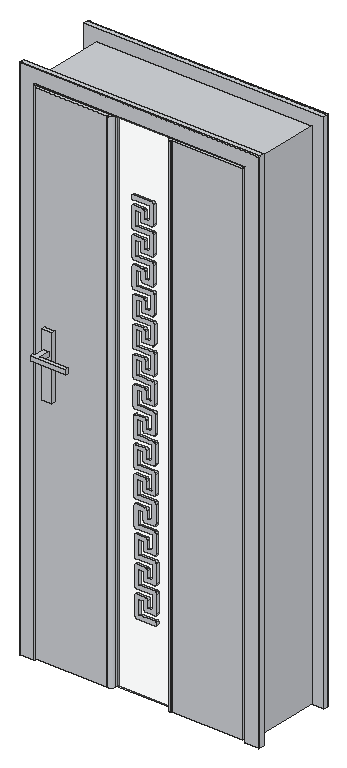
Revit family "PortaFOCUSbp_2_grecja", category Drzwi, Revit 2016
Family settings
  Obiekt nadrzędny = Ściana
  Zawsze pionowo = Tak
  Tnij formami wycięć po wczytaniu = Nie
  Współdzielony = Nie
  Punkt obliczania pomieszczeń = Nie
Parameters (values of type "PN 80")
  Zakres szerokości muru [instance] = if(and(Szerokość ściany > 94 mm, Szerokość ściany < 120 mm), "B", (if(and(Szerokość ściany > 119 mm, Szerokość ściany < 140 mm), "C", (if(and(Szerokość ściany > 139 mm, Szerokość ściany < 160 mm), "D", (if(and(Szerokość ściany > 159 mm, Szerokość ściany < 180 mm), "E", (if(and(Szerokość ściany > 179 mm, Szerokość ściany < 200 mm), "F", (if(and(Szerokość ściany > 199 mm, Szerokość ściany < 220 mm), "G", (if(and(Szerokość ściany > 219 mm, Szerokość ściany < 240 mm), "H", (if(and(Szerokość ściany > 239 mm, Szerokość ściany < 260 mm), "I", (if(and(Szerokość ściany > 259 mm, Szerokość ściany < 280 mm), "J", (if(and(Szerokość ściany > 279 mm, Szerokość ściany < 301 mm), "K", "BRAK")))))))))))))))))))  # "K"
  Wysokość brutto = 2060 mm
  Szerokość ściany [instance] = 300 mm
  Szerokość brutto = 880 mm
  Model = "Porta Focus 2 grecja"
  Materiał_wzór = none
  Materiał_szyba = Szkło
  Konstrukcja analityczna = "<Brak>"
  Funkcja = Wewnętrzna
  URL = "www.porta.com.pl"
  Ss = 818 mm
  Sb = 846 mm
  Producent = "PORTA KMI POLAND"
  Keynote = ""
  Opis = "Własność Porta KMI Poland, wszelkie prawa zastrzeżone."  # constant formula
  Wysokość = 2016 mm
  Zakończenie ściany = Wg obiektu nadrzędnego
  Szerokość = 800 mm
  Materiał_skrzydło [instance] = none
  Materiał_ościeżnica [instance] = none
  Materiał_klamka [instance] = none
  Hs = 2017 mm
Types (5, lengths in mm): name | Szerokość brutto | Materiał_szyba | Ss | Sb | Szerokość
  PN 70 | 780 | none | 718 | 746 | 700
  PN 60 | 680 | none | 618 | 646 | 600
  PN 80 | 880 | Szkło | 818 | 846 | 800
  PN 90 | 980 | none | 918 | 946 | 900
  PN 100 | 1080 | none | 1018 | 1046 | 1000
Reference planes
  plane 1: y = 0
  plane 2 "Środek (Lewa/Prawa)": x = 0
  plane 3 "Lewy": x = -440
  plane 4 "Prawy": x = 440
  plane 5: z = 2060
  plane 6 "Zewnętrzna": y = 150
  plane 7 "Wewnętrzna": y = -150
  plane 8 "skrzydło": y = -129
Forms (mm)
  Sweep 1, solid, material <- "Materiał_ościeżnica"
    path in 3D
      loop
        line (-440, -150, 0) -> (-440, -150, 2060) -> (440, -150, 2060) -> (440, -150, 0)
    profile origin (-440, -150, 1030) x (0, -1, 0) y (1, 0, 0)
      loop
        line (-24, 39) -> (-72, 39) -> (-72, 17) -> (0, 17) -> (0, -33) -> (16, -33)
        arc (16, -33) -> (18.121, -32.121) -> (19, -30) r 3
        line (19, -30) -> (19, 24)
        arc (19, 24) -> (18.121, 26.121) -> (16, 27) r 3
        line (16, 27) -> (-24, 27) -> (-24, 39)
  Sweep 2, solid, material <- "Materiał_ościeżnica"
    path in 3D
      loop
        line (440, 150, 0) -> (440, 150, 2060) -> (-440, 150, 2060) -> (-440, 150, 0)
    profile origin (-440, 150, 1030) x (1, 0, 0) y (0, 1, 0)
      loop
        line (-33, 0) -> (17, 0) -> (17, -228) -> (39, -228) -> (39, -1)
        arc (39, -1) -> (37.536, 2.536) -> (34, 4) r 5
        line (34, 4) -> (25, 4) -> (25, 16)
        arc (25, 16) -> (24.121, 18.121) -> (22, 19) r 3
        line (22, 19) -> (-30, 19)
        arc (-30, 19) -> (-32.121, 18.121) -> (-33, 16) r 3
        line (-33, 16) -> (-33, 0)
  Sweep 3, solid, not visible
    path in 3D
      loop
        line (-440, -150, 0) -> (-440, -150, 2060)
    profile origin (-440, -150, 1030) x (0, -1, 0) y (1, 0, 0)
      loop
        line (-151, 17) -> (-149, 17) -> (-149, 19) -> (-151, 19) -> (-151, 17)
Cuts and joins
  joined: Sweep 1, Sweep 2
Lines and regions (mm)
  Opening 1
    outline origin (-3050, -150, 0) x (1, 0, 0) y (0, 0, 1)
      loop
        line (2610, 0) -> (3490, 0) -> (3490, 2060) -> (2610, 2060) -> (2610, 0)
  sketch lines
    curve 1: line (-440, -150, 0) -> (-440, -150, 2060)
    curve 2: line (-440, -150, 2060) -> (440, -150, 2060)
    curve 3: line (440, -150, 2060) -> (440, -150, 0)
    curve 4: line (-440, 150, 2060) -> (-440, 150, 0)
    curve 5: line (440, 150, 2060) -> (-440, 150, 2060)
    curve 6: line (440, 150, 0) -> (440, 150, 2060)
    curve 12: line (-440, -150, 0) -> (-440, -150, 2060)
  symbolic lines, style "DoorsPanelProjection"
    curve 7: line (409, -150, 0) -> (409, -968, 0)
    curve 8: line (409, -968, 0) -> (369, -968, 0)
    curve 9: line (369, -968, 0) -> (369, -150, 0)
    curve 10: line (369, -150, 0) -> (409, -150, 0)
  symbolic lines, style "Ugięcie rzutu"
    curve 11: arc (-409, -150, 0) -> (-169.413, -728.413, 0) -> (409, -968, 0) r 818
Text (mm)
  text "Zewnętrzna" at (-2295.016, 1099.543, 0), in view "Poziom odniesienia"
  text "Zewnętrzna" at (0, 1615.38, 3698.081), in view "Lewy"
  text "Zewnętrzna" at (0, 1036.032, 3874.932), in view "Prawy"
Dimensions and locks
  equal spacing: plane 3 "Lewy", plane 2 "Środek (Lewa/Prawa)", plane 4 "Prawy"
  "Szerokość brutto": plane 3 "Lewy" to plane 4 "Prawy"
  "Wysokość brutto": plane 5 to host wall
  host wall to plane 5 = 2060 mm  (x2)
  locked: plane 6 "Zewnętrzna" to host wall at 0
  locked: plane 7 "Wewnętrzna" to host wall
  "Sb": Sweep 1 to Sweep 1
  locked: Sweep 1 sketch curve to Sweep 1 sketch curve at 22
  Sweep 1 sketch curve to Sweep 1 sketch curve = 50 mm
  locked: Sweep 1 sketch curve to profile plane at 72
  locked: Sweep 2 sketch curve to Sweep 2 sketch curve at 50
  locked: Sweep 2 sketch curve to Sweep 2 sketch curve at 22
  locked: Sweep 2 sketch curve to plane 6 "Zewnętrzna" at 1
  locked: curve 9 to curve 7 at 40
  "Ss": curve 8 to curve 10
  equal spacing: curve 11, plane 2 "Środek (Lewa/Prawa)", curve 7
  locked: plane 7 "Wewnętrzna" to plane 8 "skrzydło" at 21
  locked: host wall to Sweep 3 sketch curve at 1
  locked: Sweep 3 sketch curve to host wall at 1
  locked: Sweep 3 sketch curve to plane 6 "Zewnętrzna" at 151
  locked: plane 7 "Wewnętrzna" to Sweep 3 sketch curve at 151
  nested 1 to plane 2 "Środek (Lewa/Prawa)" to nested 1 = 409 mm, 409 mm
  locked: nested 1 to level at 8
  "Szerokość ściany": host wall to host wall
  aligned and locked: plane 3 "Lewy" to Opening 1 sketch curve
  aligned and locked: plane 5 to Opening 1 sketch curve  (x2)
  aligned and locked: Opening 1 sketch curve to plane 4 "Prawy"
  aligned and locked: Opening 1 sketch curve to level
  aligned and locked: plane 1 to host wall
  aligned and locked: Sweep 1 to Sweep 2 sketch curve
  aligned and locked: plane 7 "Wewnętrzna" to curve 10
  aligned and locked: Sweep 3 sketch curve to cut or joined group of Sweep 1, Sweep 2
  aligned and locked: Sweep 2 sketch curve to cut or joined group of Sweep 1, Sweep 2
  aligned and locked: nested 1 to plane 8 "skrzydło"
  aligned and locked: plane 2 "Środek (Lewa/Prawa)" to nested 1
Automatic sketch dimensions
  profile plane to Sweep 1 sketch curve = 24 mm
  Sweep 1 sketch curve to profile plane = 16 mm  (x2)
  Sweep 1 sketch curve to Sweep 1 sketch curve = 3 mm
  profile plane to Sweep 1 sketch curve = 17 mm
  Sweep 1 sketch curve to Sweep 1 sketch curve = 7 mm
  Sweep 1 sketch curve to profile plane = 0 mm
  Sweep 2 sketch curve to profile plane = 0 mm
  Sweep 2 sketch curve to profile plane = 16 mm
  Sweep 2 sketch curve to Sweep 2 sketch curve = 3 mm
  Sweep 2 sketch curve to Sweep 2 sketch curve = 5 mm
  Sweep 2 sketch curve to profile plane = 4 mm
  Sweep 2 sketch curve to Sweep 2 sketch curve = 8 mm
  curve 11 to host wall = 0 mm
  Sweep 3 sketch curve to Sweep 3 sketch curve = 2 mm
Nested families
  nested 1: "skrzydło" at (0, -135.5, 0), type "skrzydło"
Definition of nested family "skrzydło"
  Parameters
    Ss = 818 mm
    Materiał_skrzydło = none
    Materiał_klamka = none
    Materiał wzór = none
    Materiał szyba = none
    Hs = 2017 mm
  Reference planes
    plane 1 "Tył": y = 6.5
    plane 2: z = 0
    plane 3 "Środek (Lewa/Prawa)": x = 0
    plane 4 "Przód": y = -33.5
    plane 5: z = 2025
    plane 6 "Centrum": y = -13.5
    plane 7: z = 8
    plane 8: x = -409
    plane 9: x = 409
    plane 10: x = -105
    plane 11: x = 105
  Forms (mm)
    Extrusion 1, solid, material <- "Materiał_skrzydło"
      sketch origin (-1191.728, -1524, 8) x (-1, 0, 0) y (0, -1, 0)
        loop
          arc (-1063.297, -1490.5) -> (-1063.663, -1489.616) -> (-1064.547, -1489.25) r 1.25
          line (-1064.547, -1489.25) -> (-1066.918, -1489.25)
          arc (-1066.918, -1489.25) -> (-1080.051, -1494.167) -> (-1086.728, -1506.5) r 20
          line (-1086.728, -1506.5) -> (-1086.728, -1514.5)
          arc (-1086.728, -1514.5) -> (-1080.051, -1526.833) -> (-1066.918, -1531.75) r 20
          line (-1066.918, -1531.75) -> (-1064.547, -1531.75)
          arc (-1064.547, -1531.75) -> (-1063.663, -1531.384) -> (-1063.297, -1530.5) r 1.25
          line (-1063.297, -1530.5) -> (-782.728, -1530.5) -> (-782.728, -1490.5) -> (-1063.297, -1490.5)
        loop
          line (-1600.728, -1530.5) -> (-1320.158, -1530.5)
          arc (-1320.158, -1530.5) -> (-1319.792, -1531.384) -> (-1318.908, -1531.75) r 1.25
          line (-1318.908, -1531.75) -> (-1316.538, -1531.75)
          arc (-1316.538, -1531.75) -> (-1303.404, -1526.833) -> (-1296.728, -1514.5) r 20
          line (-1296.728, -1514.5) -> (-1296.728, -1506.5)
          arc (-1296.728, -1506.5) -> (-1303.404, -1494.167) -> (-1316.538, -1489.25) r 20
          line (-1316.538, -1489.25) -> (-1318.908, -1489.25)
          arc (-1318.908, -1489.25) -> (-1319.792, -1489.616) -> (-1320.158, -1490.5) r 1.25
          line (-1320.158, -1490.5) -> (-1600.728, -1490.5) -> (-1600.728, -1530.5)
      from 0 to 2017
    Extrusion 2, solid, material <- "Materiał wzór"
      sketch origin (-892.016, -13.5, 1200) x (-1, 0, 0) y (0, 0, 1)
        loop
          line (-855.901, 569.715) -> (-927.131, 569.715)
          arc (-927.131, 569.715) -> (-933, 567.284) -> (-935.431, 561.415) r 8.3
          line (-935.431, 561.415) -> (-935.431, 491.185)
          arc (-935.431, 491.185) -> (-933, 485.316) -> (-927.131, 482.885) r 8.3
          line (-927.131, 482.885) -> (-892.017, 482.885)
          arc (-892.017, 482.885) -> (-886.148, 485.316) -> (-883.717, 491.185) r 8.3
          line (-883.717, 491.185) -> (-883.717, 518) -> (-865.201, 518) -> (-865.201, 464.369) -> (-928.131, 464.369)
          arc (-928.131, 464.369) -> (-934, 461.938) -> (-936.431, 456.069) r 8.3
          line (-936.431, 456.069) -> (-936.431, 385.839)
          arc (-936.431, 385.839) -> (-934, 379.97) -> (-928.131, 377.539) r 8.3
          line (-928.131, 377.539) -> (-893.016, 377.539)
          arc (-893.016, 377.539) -> (-887.147, 379.97) -> (-884.716, 385.839) r 8.3
          line (-884.716, 385.839) -> (-884.716, 412.655) -> (-866.201, 412.655) -> (-866.201, 359.024) -> (-929.131, 359.024)
          arc (-929.131, 359.024) -> (-935, 356.593) -> (-937.431, 350.724) r 8.3
          line (-937.431, 350.724) -> (-937.431, 280.494)
          arc (-937.431, 280.494) -> (-935, 274.625) -> (-929.131, 272.194) r 8.3
          line (-929.131, 272.194) -> (-894.016, 272.194)
          arc (-894.016, 272.194) -> (-888.147, 274.625) -> (-885.716, 280.494) r 8.3
          line (-885.716, 280.494) -> (-885.716, 307.309) -> (-867.2, 307.309) -> (-867.2, 253.678) -> (-930.131, 253.678)
          arc (-930.131, 253.678) -> (-936, 251.247) -> (-938.431, 245.378) r 8.3
          line (-938.431, 245.378) -> (-938.431, 175.148)
          arc (-938.431, 175.148) -> (-936, 169.279) -> (-930.131, 166.848) r 8.3
          line (-930.131, 166.848) -> (-895.016, 166.848)
          arc (-895.016, 166.848) -> (-889.147, 169.279) -> (-886.716, 175.148) r 8.3
          line (-886.716, 175.148) -> (-886.716, 201.963) -> (-868.2, 201.963) -> (-868.2, 148.332) -> (-931.13, 148.332)
          arc (-931.13, 148.332) -> (-936.999, 145.901) -> (-939.43, 140.032) r 8.3
          line (-939.43, 140.032) -> (-939.43, 69.802)
          arc (-939.43, 69.802) -> (-936.999, 63.933) -> (-931.13, 61.502) r 8.3
          line (-931.13, 61.502) -> (-896.016, 61.502)
          arc (-896.016, 61.502) -> (-890.147, 63.933) -> (-887.716, 69.802) r 8.3
          line (-887.716, 69.802) -> (-887.716, 96.618) -> (-869.2, 96.618) -> (-869.2, 42.987) -> (-932.13, 42.987)
          arc (-932.13, 42.987) -> (-937.999, 40.556) -> (-940.43, 34.687) r 8.3
          line (-940.43, 34.687) -> (-940.43, -35.543)
          arc (-940.43, -35.543) -> (-937.999, -41.412) -> (-932.13, -43.843) r 8.3
          line (-932.13, -43.843) -> (-897.015, -43.843)
          arc (-897.015, -43.843) -> (-891.146, -41.412) -> (-888.715, -35.543) r 8.3
          line (-888.715, -35.543) -> (-888.715, -8.728) -> (-870.2, -8.728) -> (-870.2, -62.359) -> (-933.13, -62.359)
          arc (-933.13, -62.359) -> (-938.999, -64.79) -> (-941.43, -70.659) r 8.3
          line (-941.43, -70.659) -> (-941.43, -140.889)
          arc (-941.43, -140.889) -> (-938.999, -146.758) -> (-933.13, -149.189) r 8.3
          line (-933.13, -149.189) -> (-898.015, -149.189)
          arc (-898.015, -149.189) -> (-892.146, -146.758) -> (-889.715, -140.889) r 8.3
          line (-889.715, -140.889) -> (-889.715, -114.074) -> (-871.2, -114.074) -> (-871.2, -167.705) -> (-934.13, -167.705)
          arc (-934.13, -167.705) -> (-939.999, -170.136) -> (-942.43, -176.005) r 8.3
          line (-942.43, -176.005) -> (-942.43, -246.235)
          arc (-942.43, -246.235) -> (-939.999, -252.104) -> (-934.13, -254.535) r 8.3
          line (-934.13, -254.535) -> (-899.015, -254.535)
          arc (-899.015, -254.535) -> (-893.146, -252.104) -> (-890.715, -246.235) r 8.3
          line (-890.715, -246.235) -> (-890.715, -219.42) -> (-872.199, -219.42) -> (-872.199, -273.05) -> (-935.13, -273.05)
          arc (-935.13, -273.05) -> (-940.999, -275.481) -> (-943.43, -281.35) r 8.3
          line (-943.43, -281.35) -> (-943.43, -351.58)
          arc (-943.43, -351.58) -> (-940.999, -357.449) -> (-935.13, -359.88) r 8.3
          line (-935.13, -359.88) -> (-900.015, -359.88)
          arc (-900.015, -359.88) -> (-894.146, -357.449) -> (-891.715, -351.58) r 8.3
          line (-891.715, -351.58) -> (-891.715, -324.765) -> (-873.199, -324.765) -> (-873.199, -378.396) -> (-936.129, -378.396)
          arc (-936.129, -378.396) -> (-941.998, -380.827) -> (-944.429, -386.696) r 8.3
          line (-944.429, -386.696) -> (-944.429, -456.926)
          arc (-944.429, -456.926) -> (-941.998, -462.795) -> (-936.129, -465.226) r 8.3
          line (-936.129, -465.226) -> (-901.015, -465.226)
          arc (-901.015, -465.226) -> (-895.146, -462.795) -> (-892.715, -456.926) r 8.3
          line (-892.715, -456.926) -> (-892.715, -430.111) -> (-874.199, -430.111) -> (-874.199, -483.742) -> (-937.129, -483.742)
          arc (-937.129, -483.742) -> (-942.998, -486.173) -> (-945.429, -492.042) r 8.3
          line (-945.429, -492.042) -> (-945.429, -562.272)
          arc (-945.429, -562.272) -> (-942.998, -568.141) -> (-937.129, -570.572) r 8.3
          line (-937.129, -570.572) -> (-902.014, -570.572)
          arc (-902.014, -570.572) -> (-896.145, -568.141) -> (-893.714, -562.272) r 8.3
          line (-893.714, -562.272) -> (-893.714, -535.457) -> (-875.199, -535.457) -> (-875.199, -589.087) -> (-938.129, -589.087)
          arc (-938.129, -589.087) -> (-943.998, -591.518) -> (-946.429, -597.387) r 8.3
          line (-946.429, -597.387) -> (-946.429, -667.617)
          arc (-946.429, -667.617) -> (-943.998, -673.486) -> (-938.129, -675.917) r 8.3
          line (-938.129, -675.917) -> (-903.014, -675.917)
          arc (-903.014, -675.917) -> (-897.145, -673.486) -> (-894.714, -667.617) r 8.3
          line (-894.714, -667.617) -> (-894.714, -640.802) -> (-876.198, -640.802) -> (-876.198, -694.433) -> (-939.129, -694.433)
          arc (-939.129, -694.433) -> (-944.998, -696.864) -> (-947.429, -702.733) r 8.3
          line (-947.429, -702.733) -> (-947.429, -772.963)
          arc (-947.429, -772.963) -> (-944.998, -778.832) -> (-939.129, -781.263) r 8.3
          line (-939.129, -781.263) -> (-904.014, -781.263)
          arc (-904.014, -781.263) -> (-898.145, -778.832) -> (-895.714, -772.963) r 8.3
          line (-895.714, -772.963) -> (-895.714, -746.148) -> (-877.198, -746.148) -> (-877.198, -799.779) -> (-940.128, -799.779)
          arc (-940.128, -799.779) -> (-945.997, -802.21) -> (-948.428, -808.079) r 8.3
          line (-948.428, -808.079) -> (-948.428, -878.309)
          arc (-948.428, -878.309) -> (-945.997, -884.178) -> (-940.128, -886.609) r 8.3
          line (-940.128, -886.609) -> (-905.014, -886.609)
          arc (-905.014, -886.609) -> (-899.145, -884.178) -> (-896.714, -878.309) r 8.3
          line (-896.714, -878.309) -> (-896.714, -851.494) -> (-878.198, -851.494) -> (-878.198, -905.125) -> (-940.129, -905.124)
          arc (-940.129, -905.124) -> (-948.429, -913.424) -> (-940.129, -921.724) r 8.3
          line (-940.129, -921.724) -> (-869.898, -921.724)
          arc (-869.898, -921.724) -> (-864.029, -919.293) -> (-861.598, -913.424) r 8.3
          line (-861.598, -913.424) -> (-861.598, -843.194)
          arc (-861.598, -843.194) -> (-864.029, -837.325) -> (-869.898, -834.894) r 8.3
          line (-869.898, -834.894) -> (-905.013, -834.894)
          arc (-905.013, -834.894) -> (-910.882, -837.325) -> (-913.313, -843.194) r 8.3
          line (-913.313, -843.194) -> (-913.313, -870.009) -> (-931.829, -870.009) -> (-931.829, -816.378) -> (-868.899, -816.378)
          arc (-868.899, -816.378) -> (-863.03, -813.947) -> (-860.599, -808.078) r 8.3
          line (-860.599, -808.078) -> (-860.599, -737.848)
          arc (-860.599, -737.848) -> (-863.03, -731.979) -> (-868.899, -729.548) r 8.3
          line (-868.899, -729.548) -> (-904.013, -729.548)
          arc (-904.013, -729.548) -> (-909.882, -731.979) -> (-912.313, -737.848) r 8.3
          line (-912.313, -737.848) -> (-912.313, -764.664) -> (-930.829, -764.664) -> (-930.829, -711.033) -> (-867.899, -711.033)
          arc (-867.899, -711.033) -> (-862.03, -708.602) -> (-859.599, -702.733) r 8.3
          line (-859.599, -702.733) -> (-859.599, -632.503)
          arc (-859.599, -632.503) -> (-862.03, -626.634) -> (-867.899, -624.203) r 8.3
          line (-867.899, -624.203) -> (-903.014, -624.203)
          arc (-903.014, -624.203) -> (-908.883, -626.634) -> (-911.314, -632.503) r 8.3
          line (-911.314, -632.503) -> (-911.314, -659.318) -> (-929.829, -659.318) -> (-929.829, -605.687) -> (-866.899, -605.687)
          arc (-866.899, -605.687) -> (-861.03, -603.256) -> (-858.599, -597.387) r 8.3
          line (-858.599, -597.387) -> (-858.599, -527.157)
          arc (-858.599, -527.157) -> (-861.03, -521.288) -> (-866.899, -518.857) r 8.3
          line (-866.899, -518.857) -> (-902.014, -518.857)
          arc (-902.014, -518.857) -> (-907.883, -521.288) -> (-910.314, -527.157) r 8.3
          line (-910.314, -527.157) -> (-910.314, -553.972) -> (-928.83, -553.972) -> (-928.83, -500.341) -> (-865.899, -500.341)
          arc (-865.899, -500.341) -> (-860.03, -497.91) -> (-857.599, -492.041) r 8.3
          line (-857.599, -492.041) -> (-857.599, -421.811)
          arc (-857.599, -421.811) -> (-860.03, -415.942) -> (-865.899, -413.511) r 8.3
          line (-865.899, -413.511) -> (-901.014, -413.511)
          arc (-901.014, -413.511) -> (-906.883, -415.942) -> (-909.314, -421.811) r 8.3
          line (-909.314, -421.811) -> (-909.314, -448.627) -> (-927.83, -448.627) -> (-927.83, -394.996) -> (-864.9, -394.996)
          arc (-864.9, -394.996) -> (-859.031, -392.565) -> (-856.6, -386.696) r 8.3
          line (-856.6, -386.696) -> (-856.6, -316.466)
          arc (-856.6, -316.466) -> (-859.031, -310.597) -> (-864.9, -308.166) r 8.3
          line (-864.9, -308.166) -> (-900.014, -308.166)
          arc (-900.014, -308.166) -> (-905.883, -310.597) -> (-908.314, -316.466) r 8.3
          line (-908.314, -316.466) -> (-908.314, -343.281) -> (-926.83, -343.281) -> (-926.83, -289.65) -> (-863.9, -289.65)
          arc (-863.9, -289.65) -> (-858.031, -287.219) -> (-855.6, -281.35) r 8.3
          line (-855.6, -281.35) -> (-855.6, -211.12)
          arc (-855.6, -211.12) -> (-858.031, -205.251) -> (-863.9, -202.82) r 8.3
          line (-863.9, -202.82) -> (-899.015, -202.82)
          arc (-899.015, -202.82) -> (-904.884, -205.251) -> (-907.315, -211.12) r 8.3
          line (-907.315, -211.12) -> (-907.315, -237.935) -> (-925.83, -237.935) -> (-925.83, -184.304) -> (-862.9, -184.304)
          arc (-862.9, -184.304) -> (-857.031, -181.873) -> (-854.6, -176.004) r 8.3
          line (-854.6, -176.004) -> (-854.6, -105.774)
          arc (-854.6, -105.774) -> (-857.031, -99.905) -> (-862.9, -97.474) r 8.3
          line (-862.9, -97.474) -> (-898.015, -97.474)
          arc (-898.015, -97.474) -> (-903.884, -99.905) -> (-906.315, -105.774) r 8.3
          line (-906.315, -105.774) -> (-906.315, -132.59) -> (-924.83, -132.59) -> (-924.83, -78.959) -> (-861.9, -78.959)
          arc (-861.9, -78.959) -> (-856.031, -76.528) -> (-853.6, -70.659) r 8.3
          line (-853.6, -70.659) -> (-853.6, -0.429)
          arc (-853.6, -0.429) -> (-856.031, 5.44) -> (-861.9, 7.871) r 8.3
          line (-861.9, 7.871) -> (-897.015, 7.871)
          arc (-897.015, 7.871) -> (-902.884, 5.44) -> (-905.315, -0.429) r 8.3
          line (-905.315, -0.429) -> (-905.315, -27.244) -> (-923.831, -27.244) -> (-923.831, 26.387) -> (-860.9, 26.387)
          arc (-860.9, 26.387) -> (-855.031, 28.818) -> (-852.6, 34.687) r 8.3
          line (-852.6, 34.687) -> (-852.6, 104.917)
          arc (-852.6, 104.917) -> (-855.031, 110.786) -> (-860.9, 113.217) r 8.3
          line (-860.9, 113.217) -> (-896.015, 113.217)
          arc (-896.015, 113.217) -> (-901.884, 110.786) -> (-904.315, 104.917) r 8.3
          line (-904.315, 104.917) -> (-904.315, 78.102) -> (-922.831, 78.102) -> (-922.831, 131.733) -> (-859.901, 131.733)
          arc (-859.901, 131.733) -> (-854.032, 134.164) -> (-851.601, 140.033) r 8.3
          line (-851.601, 140.033) -> (-851.601, 210.263)
          arc (-851.601, 210.263) -> (-854.032, 216.132) -> (-859.901, 218.563) r 8.3
          line (-859.901, 218.563) -> (-895.015, 218.563)
          arc (-895.015, 218.563) -> (-900.884, 216.132) -> (-903.315, 210.263) r 8.3
          line (-903.315, 210.263) -> (-903.315, 183.448) -> (-921.831, 183.448) -> (-921.831, 237.078) -> (-858.901, 237.078)
          arc (-858.901, 237.078) -> (-853.032, 239.509) -> (-850.601, 245.378) r 8.3
          line (-850.601, 245.378) -> (-850.601, 315.608)
          arc (-850.601, 315.608) -> (-853.032, 321.477) -> (-858.901, 323.908) r 8.3
          line (-858.901, 323.908) -> (-894.016, 323.908)
          arc (-894.016, 323.908) -> (-899.885, 321.477) -> (-902.316, 315.608) r 8.3
          line (-902.316, 315.608) -> (-902.316, 288.793) -> (-920.831, 288.793) -> (-920.831, 342.424) -> (-857.901, 342.424)
          arc (-857.901, 342.424) -> (-852.032, 344.855) -> (-849.601, 350.724) r 8.3
          line (-849.601, 350.724) -> (-849.601, 420.954)
          arc (-849.601, 420.954) -> (-852.032, 426.823) -> (-857.901, 429.254) r 8.3
          line (-857.901, 429.254) -> (-893.016, 429.254)
          arc (-893.016, 429.254) -> (-898.885, 426.823) -> (-901.316, 420.954) r 8.3
          line (-901.316, 420.954) -> (-901.316, 394.139) -> (-919.832, 394.139) -> (-919.832, 447.77) -> (-856.901, 447.77)
          arc (-856.901, 447.77) -> (-851.032, 450.201) -> (-848.601, 456.07) r 8.3
          line (-848.601, 456.07) -> (-848.601, 526.3)
          arc (-848.601, 526.3) -> (-851.032, 532.169) -> (-856.901, 534.6) r 8.3
          line (-856.901, 534.6) -> (-892.016, 534.6)
          arc (-892.016, 534.6) -> (-897.885, 532.169) -> (-900.316, 526.3) r 8.3
          line (-900.316, 526.3) -> (-900.316, 499.485) -> (-918.832, 499.485) -> (-918.832, 553.115) -> (-855.901, 553.115)
          arc (-855.901, 553.115) -> (-847.601, 561.415) -> (-855.901, 569.715) r 8.3
      from -4 to 4
    Extrusion 3, solid, material <- "Materiał szyba"
      sketch origin (-892.016, -13.5, 1200) x (-1, 0, 0) y (0, 0, 1)
        loop
          line (-787.016, 825) -> (-997.016, 825) -> (-997.016, -1192) -> (-787.016, -1192) -> (-787.016, 825)
      from -4 to 4
  Dimensions and locks
    locked: plane 7 to level at 8
    "Hs": plane 5 to plane 7
    locked: nested 1 to plane 7 at 934
    locked: plane 7 to nested 2 at 934
    equal spacing: plane 4 "Przód", plane 6 "Centrum", plane 1 "Tył"
    equal spacing: plane 8, plane 3 "Środek (Lewa/Prawa)", plane 9
    "Ss": plane 8 to plane 9
    locked: plane 8 to nested 1 at 55
    locked: plane 8 to nested 2 at 55
    equal spacing: plane 10, plane 3 "Środek (Lewa/Prawa)", plane 11
    locked: plane 10 to plane 11 at 210
    aligned and locked: nested 1 to plane 4 "Przód"
    aligned and locked: plane 5 to Extrusion 1
    aligned and locked: nested 2 to nested 1
    aligned and locked: Extrusion 1 sketch curve to plane 8
    aligned and locked: Extrusion 1 sketch curve to plane 9
    aligned and locked: plane 10 to Extrusion 1 sketch curve
    aligned and locked: Extrusion 1 sketch curve to plane 1 "Tył"
    aligned and locked: Extrusion 1 sketch curve to plane 4 "Przód"
    aligned and locked: Extrusion 1 sketch curve to plane 11
    aligned and locked: plane 10 to Extrusion 3 sketch curve
    aligned and locked: Extrusion 3 sketch curve to plane 11
    aligned and locked: plane 5 to Extrusion 3 sketch curve
    aligned and locked: plane 7 to Extrusion 3 sketch curve
  Automatic sketch dimensions
    Extrusion 1 sketch curve to plane 11 = 23.431 mm
    Extrusion 1 sketch curve to plane 1 "Tył" = 1.25 mm  (x2)
    Extrusion 1 sketch curve to Extrusion 1 sketch curve = 1.25 mm
    Extrusion 1 sketch curve to Extrusion 1 sketch curve = 2.371 mm  (x4)
    Extrusion 1 sketch curve to plane 6 "Centrum" = 1.25 mm
    Extrusion 1 sketch curve to plane 10 = 19.81 mm  (x2)
    Extrusion 1 sketch curve to plane 4 "Przód" = 1.25 mm
    plane 6 "Centrum" to Extrusion 1 sketch curve = 4 mm  (x2)
    Extrusion 1 sketch curve to Extrusion 1 sketch curve = 2.5 mm
    plane 1 "Tył" to Extrusion 1 sketch curve = 0 mm
    Extrusion 1 sketch curve to plane 4 "Przód" = 0 mm
    Extrusion 1 sketch curve to Extrusion 1 sketch curve = 3.621 mm
    plane 7 to Extrusion 2 sketch curve = 313.691 mm
    Extrusion 2 sketch curve to plane 9 = 352.588 mm
    Extrusion 2 sketch curve to Extrusion 2 sketch curve = 1 mm  (x22)
    Extrusion 2 sketch curve to Extrusion 2 sketch curve = 8.3 mm  (x163)
    Extrusion 2 sketch curve to Extrusion 2 sketch curve = 0 mm  (x6)
    Extrusion 2 sketch curve to plane 5 = 579.622 mm
    Extrusion 2 sketch curve to Extrusion 2 sketch curve = 18.516 mm  (x44)
    Extrusion 2 sketch curve to Extrusion 2 sketch curve = 26.816 mm  (x15)
    Extrusion 2 sketch curve to plane 5 = 623.037 mm
    Extrusion 2 sketch curve to Extrusion 2 sketch curve = 35.115 mm  (x2)
    Extrusion 2 sketch curve to Extrusion 2 sketch curve = 26.815 mm  (x7)
    Extrusion 2 sketch curve to plane 5 = 658.152 mm
    Extrusion 2 sketch curve to plane 5 = 614.737 mm
    Extrusion 2 sketch curve to Extrusion 2 sketch curve = 18.515 mm
  Nested families
    nested 1: "KLAMKA" at (-354, -33.5, 1067), Materiał klamki <- "Materiał_klamka", type "KLAMKA"
      with Materiał klamki none
    nested 2: "KLAMKA" at (-354, 6.5, 1067), Materiał klamki <- "Materiał_klamka", type "KLAMKA"
      with Materiał klamki none
  Definition of nested family "KLAMKA"
    Parameters
      Materiał klamki [instance] = none
      Assembly Code = ""
      Default Elevation = 1219.2 mm
    Reference planes
      plane 1 "Center (Front/Back)": y = 0
      plane 2: z = 0
      plane 3 "Center (Left/Right)": x = 0
      plane 4: z = 125
      plane 5: z = -125
      plane 6: x = 20
      plane 7: x = -20
      plane 8: y = -70
      plane 9: y = -60
      plane 10: x = 10
      plane 11: x = -10
      plane 12: x = 120
      plane 13: z = 35
      plane 14: z = 55
      plane 15: y = -15
    Forms (mm)
      Extrusion 1, solid, material <- "Materiał klamki"
        sketch origin (0, 0, 0) x (1, 0, 0) y (0, 0, 1)
          loop
            line (-20, 125) -> (-20, -125) -> (20, -125) -> (20, 125) -> (-20, 125)
        from 0 to 15
      Extrusion 2, solid, material <- "Materiał klamki"
        sketch origin (0, 0, 0) x (1, 0, 0) y (0, 1, 0)
          loop
            line (-10, -15) -> (-10, -60) -> (-20, -60) -> (-20, -70) -> (120, -70) -> (120, -60) -> (10, -60) -> (10, -15) -> (-10, -15)
        from 35 to 55
    Dimensions and locks
      equal spacing: plane 4, plane 2, plane 5
      plane 4 to plane 5 = 250 mm
      equal spacing: plane 7, plane 3 "Center (Left/Right)", plane 6
      plane 7 to plane 6 = 40 mm
      plane 8 to plane 1 "Center (Front/Back)" = 70 mm
      plane 11 to plane 3 "Center (Left/Right)" to plane 10 = 10 mm locked, 10 mm locked
      plane 7 to plane 12 = 140 mm
      plane 15 to plane 1 "Center (Front/Back)" = 15 mm
      aligned and locked: plane 7 to Extrusion 1 sketch curve
      aligned and locked: Extrusion 1 sketch curve to plane 4
      aligned and locked: plane 5 to Extrusion 1 sketch curve
      aligned and locked: Extrusion 1 sketch curve to plane 6
      aligned and locked: plane 15 to Extrusion 1
      aligned and locked: Extrusion 1 to plane 1 "Center (Front/Back)"
      aligned and locked: plane 14 to Extrusion 2
      aligned and locked: Extrusion 2 to plane 13
    Automatic sketch dimensions
      Extrusion 2 sketch curve to plane 7 = 0 mm
      Extrusion 2 sketch curve to plane 9 = 0 mm  (x2)
      Extrusion 2 sketch curve to plane 11 = 0 mm
      Extrusion 2 sketch curve to plane 10 = 0 mm
      Extrusion 2 sketch curve to plane 12 = 0 mm
      Extrusion 2 sketch curve to plane 8 = 0 mm
      Extrusion 2 sketch curve to plane 15 = 0 mm
